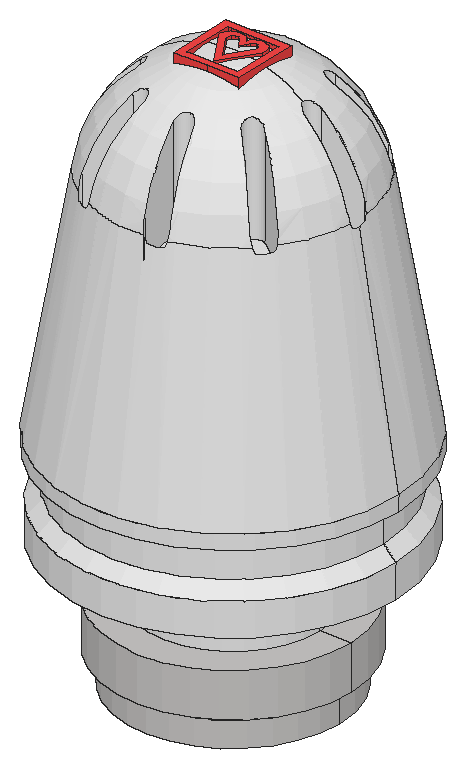
Revit family "HERZ-Mini-GS-Design-Thermostatic Sensor M28x1.5 9200 06", category Rohrzubehör, Revit 2018
Family settings
  Bemaßung runder Anschluss = Durchmesser verwenden
  Teiletyp = Normal
  OmniClass-Nummer = 23.65.55.14
  OmniClass-Titel = Valves for Liquid Services
  Arbeitsebenenbasiert = Nein
  Immer vertikal = Nein
  Beim Laden mit Abzugskörper schneiden = Nein
  Gemeinsam genutzt = Nein
Parameters
  URL = "www.herzvalves.com"
  Set value range = "6-28°C"  # constant formula
  S02 = 60 mm  # constant formula
  S01 = 73 mm  # constant formula
  Part number = 1920006  # constant formula
  Operation = "The HERZ thermostat serves as a sensing and control element.\r\nThe volumetric change of the liquid filling in the HERZ hydrosensor moves the thrust spindle of the valve."
  Shut off zero position = "When set to \"0\", the thermostatic valve is shut off and the frost protection is disabled."
  Hersteller = "HERZ Armaturen Ges.m.b.H."  # constant formula
  Hand wheel = "plastic, white"  # constant formula
  Frost protection = 6 °C  # constant formula
  Frost protection setpoint range = "6-28°C"  # constant formula
  Frost protection * = "When set to *, the valve automatically opens at approx.\r\n6 ° C ambient temperature and prevents the system from freezing."
  Application = "For mounting on valves that are designed for thermostatic operation."
Reference planes
  plane 1 "Mitte (Vorne/hinten)": y = 0
  plane 2: z = 0
  plane 3 "Mitte (Links/rechts)": x = 0
Forms (mm)
  Revolve 1, solid, material "Kunststoff weiß", detail levels fine
    sketch origin (0, 0, 0) x (1, 0, 0) y (0, 0, 1)
      loop
        line (0, 0) -> (0, 73)
        arc (0, 73) -> (-11.397, 68.78) -> (-17.297, 58.156) r 17.5
        arc (-17.297, 58.156) -> (-20.011, 42.065) -> (-22.88, 26) r 1681.293
        line (-22.88, 26) -> (-22.88, 24) -> (-20.75, 24) -> (-20.75, 19.25) -> (-22.5, 17.5) -> (-22.5, 13) -> (-12.8, 13)
        arc (-12.8, 13) -> (-12.234, 12.766) -> (-12, 12.2) r 0.8
        line (-12, 12.2) -> (-12, 4.8) -> (-13.2, 4.8) -> (-13.2, 0) -> (0, 0)
      axis (0, 73) -> (0, 0)
    angle from 0 to 360
  Revolve 2, solid, material "Messing verzinkt", detail levels fine
    sketch origin (0, 0, 0) x (1, 0, 0) y (0, 0, 1)
      loop
        line (0, 0) -> (0, 5.5) -> (-16.35, 5.5) -> (-16.35, -0.576) -> (-14.75, -1.5) -> (-14.75, -5) -> (-13.35, -5) -> (-13.35, 0) -> (0, 0)
      axis (0, 5.5) -> (0, -5)
    angle from 0 to 360
  Extrusion 3, void
    sketch origin (0, 0, 0) x (1, 0, 0) y (0, 1, 0)
      loop
        arc (11.027, 1.298) -> (9.8, 0) -> (11.027, -1.298) r 1.3
        line (11.027, -1.298) -> (16.77, -1.62)
        arc (16.77, -1.62) -> (17.178, -1.485) -> (17.384, -1.107) r 0.586
        arc (17.384, -1.107) -> (17.453, 0.011) -> (17.382, 1.129) r 9
        arc (17.382, 1.129) -> (17.183, 1.492) -> (16.79, 1.621) r 0.564
        line (16.79, 1.621) -> (11.027, 1.298)
      loop
        line (9.282, 6.094) -> (13.904, 9.55)
        arc (13.904, 9.55) -> (14.121, 9.902) -> (14.04, 10.308) r 0.564
        arc (14.04, 10.308) -> (13.376, 11.21) -> (12.605, 12.023) r 9
        arc (12.605, 12.023) -> (12.205, 12.18) -> (11.805, 12.021) r 0.586
        line (11.805, 12.021) -> (7.613, 8.082)
        arc (7.613, 8.082) -> (7.507, 6.299) -> (9.282, 6.094) r 1.3
      loop
        arc (0.637, 11.085) -> (1.702, 9.651) -> (3.193, 10.634) r 1.3
        line (3.193, 10.634) -> (4.508, 16.234)
        arc (4.508, 16.234) -> (4.445, 16.659) -> (4.109, 16.928) r 0.586
        arc (4.109, 16.928) -> (3.02, 17.189) -> (1.907, 17.313) r 9
        arc (1.907, 17.313) -> (1.515, 17.181) -> (1.319, 16.816) r 0.564
        line (1.319, 16.816) -> (0.637, 11.085)
      loop
        line (-4.39, 10.199) -> (-6.991, 15.351)
        arc (-6.991, 15.351) -> (-7.3, 15.626) -> (-7.713, 15.617) r 0.564
        arc (-7.713, 15.617) -> (-8.717, 15.12) -> (-9.651, 14.501) r 9
        arc (-9.651, 14.501) -> (-9.875, 14.134) -> (-9.788, 13.713) r 0.586
        line (-9.788, 13.713) -> (-6.638, 8.901)
        arc (-6.638, 8.901) -> (-4.9, 8.487) -> (-4.39, 10.199) r 1.3
      loop
        arc (-10.806, 2.552) -> (-9.209, 3.352) -> (-9.918, 4.991) r 1.3
        line (-9.918, 4.991) -> (-15.204, 7.258)
        arc (-15.204, 7.258) -> (-15.634, 7.271) -> (-15.957, 6.986) r 0.586
        arc (-15.957, 6.986) -> (-16.404, 5.959) -> (-16.719, 4.884) r 9
        arc (-16.719, 4.884) -> (-16.657, 4.475) -> (-16.332, 4.219) r 0.564
        line (-16.332, 4.219) -> (-10.806, 2.552)
      loop
        line (-10.806, -2.552) -> (-16.332, -4.219)
        arc (-16.332, -4.219) -> (-16.657, -4.475) -> (-16.719, -4.884) r 0.564
        arc (-16.719, -4.884) -> (-16.404, -5.959) -> (-15.957, -6.986) r 9
        arc (-15.957, -6.986) -> (-15.634, -7.271) -> (-15.204, -7.258) r 0.586
        line (-15.204, -7.258) -> (-9.918, -4.991)
        arc (-9.918, -4.991) -> (-9.209, -3.352) -> (-10.806, -2.552) r 1.3
      loop
        arc (9.282, -6.094) -> (7.507, -6.299) -> (7.613, -8.082) r 1.3
        line (7.613, -8.082) -> (11.805, -12.021)
        arc (11.805, -12.021) -> (12.205, -12.18) -> (12.605, -12.023) r 0.586
        arc (12.605, -12.023) -> (13.376, -11.21) -> (14.04, -10.308) r 9
        arc (14.04, -10.308) -> (14.121, -9.902) -> (13.904, -9.55) r 0.564
        line (13.904, -9.55) -> (9.282, -6.094)
      loop
        line (0.637, -11.085) -> (1.319, -16.816)
        arc (1.319, -16.816) -> (1.515, -17.181) -> (1.907, -17.313) r 0.564
        arc (1.907, -17.313) -> (3.02, -17.189) -> (4.109, -16.928) r 9
        arc (4.109, -16.928) -> (4.445, -16.659) -> (4.508, -16.234) r 0.586
        line (4.508, -16.234) -> (3.193, -10.634)
        arc (3.193, -10.634) -> (1.702, -9.651) -> (0.637, -11.085) r 1.3
      loop
        arc (-4.39, -10.199) -> (-4.9, -8.487) -> (-6.638, -8.901) r 1.3
        line (-6.638, -8.901) -> (-9.788, -13.713)
        arc (-9.788, -13.713) -> (-9.875, -14.134) -> (-9.651, -14.501) r 0.586
        arc (-9.651, -14.501) -> (-8.717, -15.12) -> (-7.713, -15.617) r 9
        arc (-7.713, -15.617) -> (-7.3, -15.626) -> (-6.991, -15.351) r 0.564
        line (-6.991, -15.351) -> (-4.39, -10.199)
    from 55 to 73
Cuts and joins
  Extrusion 3 cuts Revolve 1
Lines and regions (mm)
  model lines, detail levels coarse+medium
    curve 1: line (0, 0, 0) -> (0, 0, 13)
    curve 2: line (0, -0.017, 0) -> (0, 13, 0)
    curve 3: circle (0, 0, 43) r 30 normal (0, -1, 0)
    curve 4: circle (0, 0, 43) r 30 normal (1, 0, 0)
    curve 5: line (0, 0, 23) -> (0, 0, 63)
    curve 6: line (0, 17.5, 63) -> (0, -17.5, 63)
    curve 7: line (-17.5, 0, 63) -> (17.5, 0, 63)
    curve 8: circle (0, 43, 0) r 30 normal (0, 0, 1)
    curve 9: line (0, 23, 0) -> (0, 63, 0)
    curve 10: line (-17.5, 63, 0) -> (17.5, 63, 0)
Dimensions and locks
  "S01": curve 4 to plane 2
  "S01": curve 3 to plane 2
  "S01": plane 1 "Mitte (Vorne/hinten)" to curve 8
  "S02": diameter of curve 3
  "S02": diameter of curve 4
  "S02": diameter of curve 8
  aligned and locked: level to plane 2
Automatic sketch dimensions
  Revolve 1 sketch curve to level = 0 mm
  Revolve 1 sketch curve to plane 3 "Mitte (Links/rechts)" = 0 mm  (x2)
  Revolve 1 sketch curve to plane 3 "Mitte (Links/rechts)" = 12 mm
  Revolve 1 sketch curve to Revolve 1 sketch curve = 0.8 mm
  Revolve 1 sketch curve to Revolve 1 sketch curve = 1.2 mm
  Revolve 1 sketch curve to Revolve 1 sketch curve = 7.95 mm
  Revolve 1 sketch curve to Revolve 1 sketch curve = 1.75 mm  (x2)
  Revolve 1 sketch curve to Revolve 1 sketch curve = 2.13 mm
  level to Revolve 1 sketch curve = 329.658 mm
  Revolve 1 sketch curve to plane 3 "Mitte (Links/rechts)" = 1676.524 mm
  level to Revolve 1 sketch curve = 4.8 mm
  Revolve 1 sketch curve to Revolve 1 sketch curve = 7.4 mm
  Revolve 1 sketch curve to Revolve 1 sketch curve = 4.5 mm
  Revolve 1 sketch curve to Revolve 1 sketch curve = 4.75 mm
  Revolve 1 sketch curve to Revolve 1 sketch curve = 2 mm
  Revolve 1 sketch curve to Revolve 1 sketch curve = 29.5 mm
  Revolve 1 sketch curve to Revolve 1 sketch curve = 17.5 mm
  Revolve 1 sketch curve to level = 366.045 mm
  Revolve 1 sketch curve to Revolve 1 sketch curve = 2141.315 mm
  Revolve 2 sketch curve to level = 0 mm
  Revolve 2 sketch curve to plane 3 "Mitte (Links/rechts)" = 0 mm  (x2)
  Revolve 2 sketch curve to level = 5 mm
  Revolve 2 sketch curve to plane 3 "Mitte (Links/rechts)" = 13.35 mm
  Revolve 2 sketch curve to Revolve 2 sketch curve = 1.4 mm
  Revolve 2 sketch curve to level = 0.576 mm
  Revolve 2 sketch curve to Revolve 2 sketch curve = 1.6 mm
  Revolve 2 sketch curve to level = 1.5 mm
  level to Revolve 2 sketch curve = 5.5 mm
  Revolve 2 sketch curve to Revolve 2 sketch curve = 361.045 mm
  Revolve 2 sketch curve to Revolve 2 sketch curve = 2208.815 mm
  plane 1 "Mitte (Vorne/hinten)" to Extrusion 3 sketch curve = 0 mm  (x2)
  Extrusion 3 sketch curve to plane 1 "Mitte (Vorne/hinten)" = 4.219 mm
  Extrusion 3 sketch curve to plane 3 "Mitte (Links/rechts)" = 16.332 mm
  plane 1 "Mitte (Vorne/hinten)" to Extrusion 3 sketch curve = 4.219 mm
  Extrusion 3 sketch curve to Extrusion 3 sketch curve = 0 mm  (x11)
  Extrusion 3 sketch curve to Extrusion 3 sketch curve = 0.163 mm  (x2)
  Extrusion 3 sketch curve to Extrusion 3 sketch curve = 0.734 mm  (x2)
  plane 1 "Mitte (Vorne/hinten)" to Extrusion 3 sketch curve = 7.258 mm
  Extrusion 3 sketch curve to Extrusion 3 sketch curve = 0.231 mm  (x2)
  Extrusion 3 sketch curve to plane 1 "Mitte (Vorne/hinten)" = 7.258 mm
  plane 1 "Mitte (Vorne/hinten)" to Extrusion 3 sketch curve = 2.552 mm
  Extrusion 3 sketch curve to Extrusion 3 sketch curve = 5.526 mm
  Extrusion 3 sketch curve to plane 1 "Mitte (Vorne/hinten)" = 2.552 mm
  Extrusion 3 sketch curve to Extrusion 3 sketch curve = 0.375 mm  (x2)
  Extrusion 3 sketch curve to Extrusion 3 sketch curve = 0.512 mm  (x2)
  Extrusion 3 sketch curve to Extrusion 3 sketch curve = 5.416 mm  (x2)
  Extrusion 3 sketch curve to Extrusion 3 sketch curve = 0.49 mm  (x2)
  Extrusion 3 sketch curve to Extrusion 3 sketch curve = 2.488 mm  (x2)
  Extrusion 3 sketch curve to Extrusion 3 sketch curve = 1.803 mm  (x2)
  Extrusion 3 sketch curve to Extrusion 3 sketch curve = 0.504 mm  (x2)
  Extrusion 3 sketch curve to Extrusion 3 sketch curve = 3.281 mm  (x2)
  Extrusion 3 sketch curve to Extrusion 3 sketch curve = 1.088 mm  (x2)
  Extrusion 3 sketch curve to Extrusion 3 sketch curve = 1.16 mm  (x2)
  Extrusion 3 sketch curve to Extrusion 3 sketch curve = 1.324 mm  (x2)
  plane 3 "Mitte (Links/rechts)" to Extrusion 3 sketch curve = 0.637 mm  (x2)
  plane 3 "Mitte (Links/rechts)" to Extrusion 3 sketch curve = 1.319 mm  (x2)
  plane 3 "Mitte (Links/rechts)" to Extrusion 3 sketch curve = 1.468 mm  (x2)
  Extrusion 3 sketch curve to Extrusion 3 sketch curve = 0.561 mm  (x2)
  Extrusion 3 sketch curve to Extrusion 3 sketch curve = 1.291 mm  (x2)
  Extrusion 3 sketch curve to Extrusion 3 sketch curve = 1.266 mm  (x2)
  Extrusion 3 sketch curve to Extrusion 3 sketch curve = 2.058 mm  (x2)
  Extrusion 3 sketch curve to Extrusion 3 sketch curve = 0.57 mm  (x2)
  Extrusion 3 sketch curve to Extrusion 3 sketch curve = 5.007 mm  (x2)
  Extrusion 3 sketch curve to Extrusion 3 sketch curve = 1.138 mm  (x2)
  Extrusion 3 sketch curve to Extrusion 3 sketch curve = 1.978 mm
  Extrusion 3 sketch curve to Extrusion 3 sketch curve = 0.89 mm  (x2)
  Extrusion 3 sketch curve to Extrusion 3 sketch curve = 0.779 mm  (x2)
  plane 1 "Mitte (Vorne/hinten)" to Extrusion 3 sketch curve = 1.298 mm
  Extrusion 3 sketch curve to Extrusion 3 sketch curve = 2.575 mm
  Extrusion 3 sketch curve to Extrusion 3 sketch curve = 0.073 mm
  Extrusion 3 sketch curve to Extrusion 3 sketch curve = 4.192 mm  (x2)
  Extrusion 3 sketch curve to Extrusion 3 sketch curve = 0.401 mm  (x2)
  Extrusion 3 sketch curve to Extrusion 3 sketch curve = 1.36 mm  (x2)
  Extrusion 3 sketch curve to Extrusion 3 sketch curve = 0.338 mm  (x2)
  plane 1 "Mitte (Vorne/hinten)" to Extrusion 3 sketch curve = 1.62 mm
  Extrusion 3 sketch curve to Extrusion 3 sketch curve = 5.743 mm
  Extrusion 3 sketch curve to plane 1 "Mitte (Vorne/hinten)" = 1.621 mm
  Extrusion 3 sketch curve to Extrusion 3 sketch curve = 0.02 mm
  Extrusion 3 sketch curve to Extrusion 3 sketch curve = 0.033 mm
  Extrusion 3 sketch curve to Extrusion 3 sketch curve = 0.032 mm
  plane 1 "Mitte (Vorne/hinten)" to Extrusion 3 sketch curve = 7.32 mm
  Extrusion 3 sketch curve to Extrusion 3 sketch curve = 6.784 mm
  Extrusion 3 sketch curve to Extrusion 3 sketch curve = 1.004 mm
  Extrusion 3 sketch curve to Extrusion 3 sketch curve = 1.581 mm  (x2)
  Extrusion 3 sketch curve to Extrusion 3 sketch curve = 1.468 mm
  Extrusion 3 sketch curve to Extrusion 3 sketch curve = 0.712 mm  (x2)
  Extrusion 3 sketch curve to Extrusion 3 sketch curve = 0.452 mm  (x2)
  Extrusion 3 sketch curve to Extrusion 3 sketch curve = 2.31 mm  (x2)
  Extrusion 3 sketch curve to Extrusion 3 sketch curve = 0.297 mm  (x2)
  Extrusion 3 sketch curve to Extrusion 3 sketch curve = 1.591 mm  (x2)
  Extrusion 3 sketch curve to Extrusion 3 sketch curve = 0.427 mm  (x2)
  Extrusion 3 sketch curve to Extrusion 3 sketch curve = 4.812 mm  (x2)
  Extrusion 3 sketch curve to Extrusion 3 sketch curve = 0.321 mm  (x2)
  Extrusion 3 sketch curve to Extrusion 3 sketch curve = 1.063 mm  (x2)
  Extrusion 3 sketch curve to Extrusion 3 sketch curve = 0.254 mm  (x2)
  Extrusion 3 sketch curve to Extrusion 3 sketch curve = 5.599 mm  (x2)
  Extrusion 3 sketch curve to Extrusion 3 sketch curve = 0.134 mm  (x2)
  Extrusion 3 sketch curve to Extrusion 3 sketch curve = 0.382 mm  (x2)
  Extrusion 3 sketch curve to Extrusion 3 sketch curve = 0.067 mm  (x2)
  Extrusion 3 sketch curve to Extrusion 3 sketch curve = 0.947 mm
  Extrusion 3 sketch curve to Extrusion 3 sketch curve = 0.539 mm  (x2)
  Extrusion 3 sketch curve to Extrusion 3 sketch curve = 1.702 mm
  Extrusion 3 sketch curve to Extrusion 3 sketch curve = 2.439 mm
  Extrusion 3 sketch curve to Extrusion 3 sketch curve = 0.54 mm  (x2)
  Extrusion 3 sketch curve to Extrusion 3 sketch curve = 0.905 mm
  Extrusion 3 sketch curve to Extrusion 3 sketch curve = 0.585 mm
  Extrusion 3 sketch curve to Extrusion 3 sketch curve = 0.564 mm
  Extrusion 3 sketch curve to Extrusion 3 sketch curve = 0.339 mm
  Extrusion 3 sketch curve to Extrusion 3 sketch curve = 1.245 mm
  Extrusion 3 sketch curve to plane 1 "Mitte (Vorne/hinten)" = 5.433 mm
  Extrusion 3 sketch curve to Extrusion 3 sketch curve = 0.661 mm
  Extrusion 3 sketch curve to Extrusion 3 sketch curve = 1.041 mm
  Extrusion 3 sketch curve to Extrusion 3 sketch curve = 4.429 mm
  Extrusion 3 sketch curve to Extrusion 3 sketch curve = 2.891 mm
  Extrusion 3 sketch curve to Extrusion 3 sketch curve = 3.456 mm
  Extrusion 3 sketch curve to plane 1 "Mitte (Vorne/hinten)" = 1.298 mm  (x2)
  curve 5 to plane 1 "Mitte (Vorne/hinten)" = 0 mm
  curve 4 to plane 1 "Mitte (Vorne/hinten)" = 0 mm
  plane 1 "Mitte (Vorne/hinten)" to curve 6 = 17.5 mm
  curve 5 to curve 6 = 17.5 mm
  curve 5 to curve 4 = 20 mm
  curve 4 to curve 6 = 20 mm
  curve 3 to plane 3 "Mitte (Links/rechts)" = 0 mm
  curve 1 to plane 3 "Mitte (Links/rechts)" = 0 mm
  curve 1 to level = 0 mm
  curve 7 to plane 3 "Mitte (Links/rechts)" = 17.5 mm
  plane 3 "Mitte (Links/rechts)" to curve 7 = 17.5 mm
  curve 3 to curve 7 = 20 mm
  curve 8 to plane 3 "Mitte (Links/rechts)" = 0 mm
  curve 9 to plane 3 "Mitte (Links/rechts)" = 0 mm
  curve 2 to plane 3 "Mitte (Links/rechts)" = 0 mm
  curve 10 to curve 9 = 17.5 mm
  plane 3 "Mitte (Links/rechts)" to curve 10 = 17.5 mm
  plane 1 "Mitte (Vorne/hinten)" to curve 2 = 0.017 mm
  curve 2 to curve 9 = 10 mm
  curve 8 to curve 10 = 20 mm
Nested families
  nested 1: "Herz-Logo" at (0, 0, 71.5), type "Herz-Logo", detail levels fine
Definition of nested family "Herz-Logo"
  Reference planes
    plane 1 "Mitte (Vorne/hinten)": y = 0
    plane 2: z = 0
    plane 3 "Mitte (Links/rechts)": x = 0
  Forms (mm)
    Extrusion 1, solid
      sketch origin (0, 0, 0) x (1, 0, 0) y (0, 1, 0)
        loop
          line (-0.018, -4.517) -> (4.482, -4.517) -> (4.482, 4.483) -> (-4.518, 4.483) -> (-4.518, -4.517) -> (-0.018, -4.517)
        loop
          line (-0.05, -3.48) -> (3.482, -3.48) -> (3.482, 3.483) -> (-3.518, 3.483) -> (-3.518, -3.48) -> (-0.05, -3.48)
        loop
          arc (-0.018, 2.383) -> (-1.543, 3.287) -> (-3.067, 2.383) r 1.738
          arc (-3.067, 2.383) -> (-3.191, 1.899) -> (-3.067, 1.415) r 1.009
          line (-3.067, 1.415) -> (-0.018, -3.281) -> (3.032, 1.415)
          arc (3.032, 1.415) -> (3.156, 1.899) -> (3.032, 2.383) r 1.009
          arc (3.032, 2.383) -> (1.507, 3.287) -> (-0.018, 2.383) r 1.738
        loop
          arc (1.885, 1.272) -> (2.005, 1.675) -> (1.885, 2.079) r 0.74
          arc (1.885, 2.079) -> (1.265, 2.416) -> (0.644, 2.079) r 0.74
          line (0.644, 2.079) -> (-0.018, 0.97) -> (-0.679, 2.079)
          arc (-0.679, 2.079) -> (-1.3, 2.416) -> (-1.921, 2.079) r 0.74
          arc (-1.921, 2.079) -> (-2.04, 1.675) -> (-1.921, 1.272) r 0.74
          line (-1.921, 1.272) -> (-0.018, -1.658) -> (1.885, 1.272)
      from 0 to 1.5
  Dimensions and locks
    aligned and locked: level to plane 2
